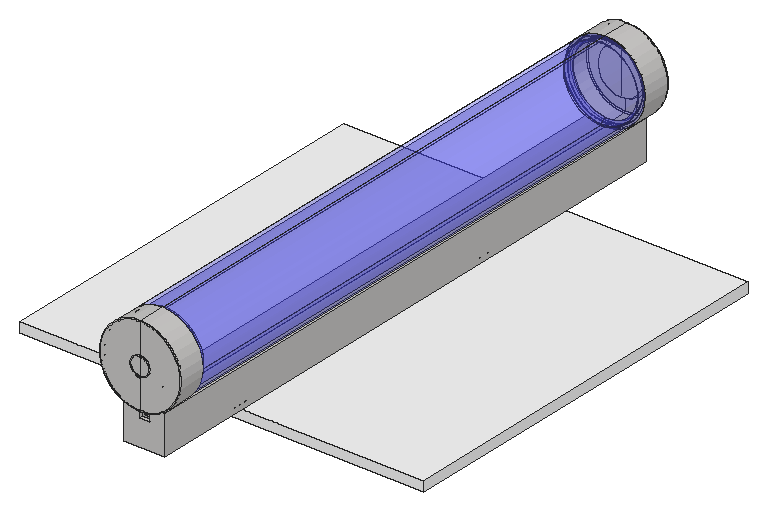
Revit family "BE_50068.2_de_DE", category Leuchten, Revit 2020
Family settings
  Basisbauteil = Fläche
  Bemaßung runder Anschluss = Durchmesser verwenden
  Teiletyp = Normal
  Beim Laden mit Abzugskörper schneiden = Ja
  Lichtquelle = Ja
  Gemeinsam genutzt = Nein
  Raumberechnungspunkt = Ja
Parameters (values of type "BEGA_50068.2_K4")
  built-in parameter 1150104 = 13.415 (stored number, unit not read)
  Wattage = 20.5 W
  Default Elevation = 0 mm
  built-in parameter 1150113 = 1 (stored number, unit not read)
  built-in parameter 1114218 = 1 (stored number, unit not read)
  Umgebungstemperatur = "25 °C"
  URL = "https://www.bega.com/de/produkt/50068.2"
  Typenkommentare = "© 2022 BEGA. Wir behalten uns das Recht vor, technische Änderungen ohne vorherige Ankündigung vorzunehmen."  # constant formula
  built-in parameter 1150134 = 12
  built-in parameter 1150109 = 1 (stored number, unit not read)
  Strom = ""
  built-in parameter 1150110 = 1 (stored number, unit not read)
  Spannung = 239.996 V
  Sonderanfertigung = no
  Seriennummer [instance] = "Hier können Sie die eindeutige Seriennummer für das Facility Management eintragen."
  Schutzklasse = "I"
  Schutzart = "IP 65"
  Scheinlast = 0 VA
  Produktdatenblatt = "https://cdn.bega.com/bega/products/50068.2K3/current/documents/data-sheets/de"
  Oberflächentemperatur = ""
  Neigungswinkel = 0.00°
  Modell = "50068.2K4"
  Material_17 = BEGA_Reflektor
  Material_15 = BEGA_Leuchtmedium_matt
  Material_11 = BEGA_Glas_opal
  Material_09 = BEGA_Glas_klar
  Material_06 = BEGA_Oberfläche_Edelstahl_gebürstet
  Material_05 = BEGA_Oberfläche_Aluminium Guss
  Material_03 = BEGA_Oberfläche_Weiss_matt
  Material_02 = BEGA_Oberfläche_Silber_matt
  Material_01 [instance] = BEGA_Oberfläche_Grafit_matt
  M_W = no
  M_G = no
  M_A = no
  Logo = 0
  built-in parameter 1114217 = 1 (stored number, unit not read)
  built-in parameter 1150139 = (empty or 0)
  built-in parameter 1150105 = 235.57 (stored number, unit not read)
  built-in parameter 1150114 = 1 (stored number, unit not read)
  Lumens = 2960.2 lm
  built-in parameter 1150115 = 1 (stored number, unit not read)
  Leuchtenlichtstrom = "2386 lm"
  Leuchtenanzahl = ""
  Lebensdauerkriterien = "L70B50 @ 25 °C = 145000 h"
  Lastklassifizierung = Beleuchtung
  built-in parameter 1150112 = 1 (stored number, unit not read)
  Lampenlichtstrom = "3350 lm"
  Lampe = "LED 19.2 W"
  LED_Modulbezeichnung = "2x LED-0626/940 + 2x LED-0627/940"
  Hersteller = "BEGA"  # constant formula
  Halbstreuwinkel = ""
  Gewicht = "3.0 kg"
  Gebrauchslageneinschränkung [instance] = ""
  Frequenz = "0/50-60 Hz"
  Farbwiedergabeindex = "CRI > 90"
  Farbtemperaturverschiebung bei Dämpfen der Lampe = <Keine Auswahl>
  Farbtemperatur = "4000 K"
  Color Filter = 16777215
  built-in parameter 1150133 = 10 (stored number, unit not read)
  Energieeffizienzklasse = "LED A++ - A"
  built-in parameter 1150137 = (empty or 0)
  built-in parameter 1150132 = (empty or 0)
  ENEC = "ja"
  Dimmbar [instance] = "DALI"
  Datei für fotometrisches Netz = "BE_50068.2K4.IES"
  CE_Konformität = "ja"
  Bestellnummer = "50068.2K4"
  Beschreibung_Sonderanfertigung = "Hier können Sie Informationen zur Sonderanfertigung eintragen."
  Beschreibung = "Wandleuchte"
  built-in parameter 1150106 = 2.3557 (stored number, unit not read)
  Befestigungsbohrung = "Ø 6 mm"
  Befestigungsabstand = "300 mm"
  Ballwurfsicher = ""
  BEGA_Intern_aus = yes
  BEGA_Intern_an = yes
  BEGA_Intern_Konstruktion = yes
  BEGA_Intern = yes
  BEGA_IES = yes
  BEGA_Dummy = no
  Anschlussleitung = ""
  Anschlussleistung [instance] = "22.5 W"
  Anschlusskasten = ""
  built-in parameter 1150107 = 4000 (stored number, unit not read)
  built-in parameter 1150102 = (empty or 0)
  built-in parameter 1150138 = (empty or 0)
  Aktualisierung = "2022-05-18T04:00:07"
  Abstand_zur_angestrahlten_Fläche [instance] = ""
  AC/DC = "AC/DC"
Types (2, lengths in mm): name | built-in parameter 1150134 | Modell | Leuchtenlichtstrom | Lampenlichtstrom | LED_Modulbezeichnung | Farbtemperatur | Datei für fotometrisches Netz | Bestellnummer | built-in parameter 1150107
  BEGA_50068.2_K4 | 12 | "50068.2K4" | "2386 lm" | "3350 lm" | "2x LED-0626/940 + 2x LED-0627/940" | "4000 K" | "BE_50068.2K4.IES" | "50068.2K4" | 4000 (stored number, unit not read)
  BEGA_50068.2_K3 | (empty or 0) | "50068.2K3" | "2286 lm" | "3210 lm" | "2x LED-0626/930 + 2x LED-0627/930" | "3000 K" | "BE_50068.2K3.IES" | "50068.2K3" | 3000 (stored number, unit not read)
Reference planes
  plane 1 "Mitte (Vorne/Hinten)": y = 0
  plane 2: z = 0
  plane 3 "Mitte (Links/Rechts)": x = 0
  plane 4 "Links": x = -40.25
  plane 5 "Rechts": x = 40.25
  plane 6 "Unten": y = -301.051
  plane 7 "Oben": y = 301.051
  plane 8 "Vorne": z = 115.51
  plane 9 "Hinten": z = 0
Forms (mm)
  Extrusion 1, solid, material "BEGA_Platte_Weiss"
    sketch origin (0, -1119.2, 0) x (1, 0, 0) y (0, 1, 0)
      loop
        line (-200, 1319.2) -> (-200, 919.2) -> (200, 919.2) -> (200, 1319.2) -> (-200, 1319.2)
    from 0 to -10
  Extrusion 2, solid, material "BEGA_Dummy_matt", visible <- "BEGA_Dummy"
    sketch origin (80.095, -76.023, 0) x (1, 0, 0) y (0, 1, 0)
      loop
        line (-120.345, 377.074) -> (-120.345, -225.027) -> (-39.845, -225.027) -> (-39.845, 377.074) -> (-120.345, 377.074)
    from 0 to 115.51
Dimensions and locks
  plane 1 "Mitte (Vorne/Hinten)" to Extrusion 1 = 200 mm
  aligned and locked: plane 2 to Extrusion 1
  aligned and locked: level to Extrusion 1
Nested families
  nested 1: "BE_50068.2" at (0, 0, 0) x (0, 1, 0) z (0, 0, 1), type "BE_50068.2"
Connectors
  electrical at (0, 0, 0), driven by "Lastklassifizierung", driven by "Spannung", driven by "Scheinlast"
    settings: index 1, voltage 239.996 V, apparent load 0 VA, apparent load phase1 0 VA, apparent load phase2 0 VA, apparent load phase3 0 VA, power factor 1, load classification "Beleuchtung", number of poles 1, system type 31, power factor state 1, is connector primary yes, connector utility no, sub classification motor no, connector description ""
Definition of nested family "BE_50068.2"
  Parameters (values of type "BE_50068.2")
    Default Elevation = 1 mm
    URL = "http://www.bega.de/de/produkt"
    Type Comments = "© 2015 BEGA. Wir behalten uns das Recht vor, technische Änderungen ohne vorherige Ankündigung vorzunehmen. "  # constant formula
    Type Image = (empty or 0)
    Neigungswinkel_um_Z2 = 0.00°
    Neigungswinkel_um_Z1 = 0.00°
    Neigungswinkel_um_Y2 = 0.00°
    Neigungswinkel_um_Y1 = 0.00°
    Neigungswinkel_um_X2 = 0.00°
    Neigungswinkel_um_X1 = 0.00°
    Material_17 = none
    Material_15 = none
    Material_11 = none
    Material_09 = none
    Material_06 = none
    Material_05 = none
    Material_03 = none
    Material_02 = none
    Material_01 = none
    M_W = yes
    M_G = yes
    M_A = yes
    Länge_Platte = 700 mm  # constant formula
    Höhe_Platte = -10 mm  # constant formula
    Manufacturer = "BEGA"  # constant formula
    Drehwinkel_um_Z2 = 0.00°
    Drehwinkel_um_Z1 = 0.00°
    Breite_Platte = 200 mm  # constant formula
  Reference planes
    plane 1 "Mitte (Oben/Unten)": y = 0
    plane 2: z = 0
    plane 3 "Mitte (Links/Rechts)": x = 0
    plane 4: x = -301.051
    plane 5: z = 115.51
    plane 6: x = 301.051
    plane 7: y = 40.25
    plane 8: y = -40.25
  Forms (mm)
    Extrusion 1, solid, detail levels medium
      sketch origin (0, 0, 0) x (1, 0, 0) y (0, 1, 0)
        loop
          line (-350, 100) -> (-350, -100) -> (350, -100) -> (350, 100) -> (-350, 100)
      from 0 to -10 <- "Höhe_Platte"
    Extrusion 2, solid, material <- "Material_06", detail levels medium+fine
      sketch origin (0, 0, 0) x (0, 1, 0) y (0, 0, 1)
        loop
          arc (18.186, 39.353) -> (0, 35.01) -> (-18.186, 39.353) r 40.25
          line (-18.186, 39.353) -> (-20, 37.539) -> (-20, 0) -> (-17.5, 0) -> (-17.5, 32) -> (17.5, 32) -> (17.5, 0) -> (20, 0) -> (20, 37.539) -> (18.186, 39.353)
      from -292.95 to 296.051
    Extrusion 3, solid, material <- "Material_06", detail levels medium+fine
      sketch origin (0, 0, 0) x (0, 1, 0) y (0, 0, 1)
        loop
          arc (18.186, 39.353) -> (0, 35.01) -> (-18.186, 39.353) r 40.25
          line (-18.186, 39.353) -> (-20, 37.539) -> (-20, 0) -> (20, 0) -> (20, 37.539) -> (18.186, 39.353)
      from 296.051 to 299.051
    Extrusion 4, solid, material <- "Material_06", detail levels medium+fine
      sketch origin (-493, 0, 0) x (0, 1, 0) y (0, 0, 1)
        loop
          arc (18.186, 39.353) -> (0, 35.01) -> (-18.186, 39.353) r 40.25
          line (-18.186, 39.353) -> (-20, 37.539) -> (-20, 0) -> (20, 0) -> (20, 37.539) -> (18.186, 39.353)
      from 197.05 to 200.05
    Extrusion 5, solid, material <- "Material_06", detail levels medium+fine
      sketch origin (0, 0, 0) x (0, 1, 0) y (0, 0, 1)
        loop
          arc (14.5, 4) -> (14.207, 3.293) -> (13.5, 3) r 1
          line (13.5, 3) -> (-13.5, 3)
          arc (-13.5, 3) -> (-14.207, 3.293) -> (-14.5, 4) r 1
          line (-14.5, 4) -> (-14.5, 32) -> (-17.5, 32) -> (-17.5, 4)
          arc (-17.5, 4) -> (-16.328, 1.172) -> (-13.5, 0) r 4
          line (-13.5, 0) -> (13.5, 0)
          arc (13.5, 0) -> (16.328, 1.172) -> (17.5, 4) r 4
          line (17.5, 4) -> (17.5, 32) -> (14.5, 32) -> (14.5, 4)
      from 76.05 to 110.051
    Extrusion 6, solid, material <- "Material_06", detail levels medium+fine
      sketch origin (-230, 0, 0) x (0, 1, 0) y (0, 0, 1)
        loop
          arc (14.5, 4) -> (14.207, 3.293) -> (13.5, 3) r 1
          line (13.5, 3) -> (-13.5, 3)
          arc (-13.5, 3) -> (-14.207, 3.293) -> (-14.5, 4) r 1
          line (-14.5, 4) -> (-14.5, 32) -> (-17.5, 32) -> (-17.5, 4)
          arc (-17.5, 4) -> (-16.328, 1.172) -> (-13.5, 0) r 4
          line (-13.5, 0) -> (13.5, 0)
          arc (13.5, 0) -> (16.328, 1.172) -> (17.5, 4) r 4
          line (17.5, 4) -> (17.5, 32) -> (14.5, 32) -> (14.5, 4)
      from 6.05 to 40.05
    Extrusion 7, void
      sketch origin (0, 0, 0) x (1, 0, 0) y (0, 1, 0)
        loop
          arc (-208.34, 3) -> (-218.45, 0) -> (-208.34, -3) r 5.5
          line (-208.34, -3) -> (-198.95, -3)
          arc (-198.95, -3) -> (-195.95, 0) -> (-198.95, 3) r 3
          line (-198.95, 3) -> (-208.34, 3)
        loop
          arc (91.66, 3) -> (81.55, 0) -> (91.66, -3) r 5.5
          line (91.66, -3) -> (101.05, -3)
          arc (101.05, -3) -> (104.05, 0) -> (101.05, 3) r 3
          line (101.05, 3) -> (91.66, 3)
      from 0 to 9
    Revolve 8, void
      sketch origin (50.07, 0, 0) x (1, 0, 0) y (0, 0, 1)
        loop
          line (237.98, 30.562) -> (244.412, 30.562) -> (244.412, 37.872) -> (237.98, 37.872) -> (237.98, 30.562)
        axis (237.98, 30.562) -> (237.98, 37.872)
      angle from 0 to 360
    Revolve 9, solid, material <- "Material_06", detail levels medium+fine
      sketch origin (0, 0, 0) x (1, 0, 0) y (0, 0, 1)
        loop
          line (-301.051, 115.01) -> (-301.051, 75.26) -> (-293.051, 75.26) -> (-293.051, 97.652) -> (-298.551, 99.126) -> (-298.551, 112.583)
          arc (-298.551, 112.583) -> (-297.875, 113.082) -> (-297.053, 113.26) r 2
          line (-297.053, 113.26) -> (-275.184, 113.22) -> (-273.821, 115.51) -> (-300.551, 115.51)
          arc (-300.551, 115.51) -> (-300.904, 115.364) -> (-301.051, 115.01) r 0.5
        axis (-301.051, 75.26) -> (-273.821, 75.26)
      angle from 0 to 360
    Revolve 10, solid, material <- "Material_06", detail levels medium+fine
      sketch origin (0, 0, 0) x (-1, 0, 0) y (0, 0, 1)
        loop
          line (-301.051, 115.01) -> (-301.051, 75.26) -> (-293.051, 75.26) -> (-293.051, 97.652) -> (-298.551, 99.126) -> (-298.551, 112.583)
          arc (-298.551, 112.583) -> (-297.875, 113.082) -> (-297.053, 113.26) r 2
          line (-297.053, 113.26) -> (-275.184, 113.22) -> (-273.821, 115.51) -> (-300.551, 115.51)
          arc (-300.551, 115.51) -> (-300.904, 115.364) -> (-301.051, 115.01) r 0.5
        axis (-301.051, 75.26) -> (-273.821, 75.26)
      angle from 0 to 360
    Revolve 11, solid, material <- "Material_11", detail levels medium+fine
      sketch origin (0, 0, 0) x (1, 0, 0) y (0, 0, 1)
        loop
          line (273.966, 115.26) -> (-273.821, 115.26) -> (-275.161, 113.01) -> (-277.936, 113.01) -> (-277.936, 110.01) -> (-276.885, 109.749)
          arc (-276.885, 109.749) -> (-272.565, 108.644) -> (-269.232, 111.608) r 4.75
          arc (-269.232, 111.608) -> (-268.866, 112.081) -> (-268.295, 112.26) r 1
          line (-268.295, 112.26) -> (268.44, 112.26)
          arc (268.44, 112.26) -> (269.011, 112.081) -> (269.377, 111.608) r 1
          arc (269.377, 111.608) -> (272.71, 108.644) -> (277.03, 109.749) r 4.75
          line (277.03, 109.749) -> (278.081, 110.01) -> (278.081, 113.01) -> (275.306, 113.01) -> (273.966, 115.26)
        axis (278.081, 75.26) -> (-277.936, 75.26)
      angle from 0 to 360
    Revolve 12, void
      sketch origin (0, 0, 0) x (1, 0, 0) y (0, 0, 1)
        loop
          line (-297.486, 85.26) -> (-301.301, 85.26) -> (-301.301, 75.26) -> (-297.486, 75.26) -> (-297.486, 85.26)
        axis (-297.486, 75.26) -> (-301.301, 75.26)
      angle from 0 to 360
    Revolve 13, solid, material <- "Material_06", detail levels fine
      sketch origin (0, 0, 0) x (1, 0, 0) y (0, 0, 1)
        loop
          line (-300.301, 85.01) -> (-301.301, 84.01) -> (-301.301, 75.26) -> (-298.301, 75.26) -> (-298.301, 85.01) -> (-300.301, 85.01)
        axis (-298.301, 75.26) -> (-301.301, 75.26)
      angle from 0 to 360
    Extrusion 14, void
      sketch origin (0, 0, 0) x (0, 1, 0) y (0, 0, 1)
        loop
          line (5, 32) -> (2.35, 32) -> (2.35, 36.757) -> (-2.35, 36.757) -> (-2.35, 32) -> (-5, 32) -> (-5, 25.9) -> (5, 25.9) -> (5, 32)
      from -297.053 to -280.55
    Revolve 15, solid, material <- "Material_06", detail levels fine
      sketch origin (0, 0, 0) x (1, 0, 0) y (0, 0, 1)
        loop
          line (-293.301, 32) -> (-293.301, 28.504) -> (-289.051, 28.504) -> (-289.051, 41.75) -> (-291.301, 41.75) -> (-291.301, 32) -> (-293.301, 32)
        axis (-289.051, 41.75) -> (-289.051, 28.504)
      angle from 0 to 360
  Cuts and joins
    Extrusion 7, Revolve 8, Extrusion 14 cuts Extrusion 2
    Extrusion 7, Revolve 8, Extrusion 14 cuts Extrusion 3
    Extrusion 7, Revolve 8, Extrusion 14 cuts Extrusion 4
    Extrusion 7, Revolve 8, Extrusion 14 cuts Extrusion 5
    Extrusion 7, Revolve 8, Extrusion 14 cuts Extrusion 6
    joined: Extrusion 2, Extrusion 3, Extrusion 4, Extrusion 5, Extrusion 6
    Revolve 12 cuts Revolve 9
    Revolve 12 cuts Revolve 10
    joined: Revolve 9, Revolve 10
  Dimensions and locks
    equal spacing: Extrusion 1 sketch curve, plane 3 "Mitte (Links/Rechts)", Extrusion 1 sketch curve
    equal spacing: Extrusion 1 sketch curve, plane 1 "Mitte (Oben/Unten)", Extrusion 1 sketch curve
    "Länge_Platte": Extrusion 1 sketch curve to Extrusion 1 sketch curve
    "Breite_Platte": Extrusion 1 sketch curve to Extrusion 1 sketch curve
    aligned and locked: Extrusion 1 to plane 2
    aligned and locked: level to Extrusion 1
  Automatic sketch dimensions
    Extrusion 2 sketch curve to level = 0 mm  (x2)
    Extrusion 2 sketch curve to plane 1 "Mitte (Oben/Unten)" = 0 mm
    plane 1 "Mitte (Oben/Unten)" to Extrusion 2 sketch curve = 17.5 mm
    Extrusion 2 sketch curve to Extrusion 2 sketch curve = 0.686 mm  (x2)
    Extrusion 2 sketch curve to Extrusion 2 sketch curve = 1.814 mm  (x3)
    Extrusion 2 sketch curve to plane 1 "Mitte (Oben/Unten)" = 17.5 mm
    Extrusion 2 sketch curve to Extrusion 2 sketch curve = 32 mm
    Extrusion 2 sketch curve to Extrusion 2 sketch curve = 5.539 mm  (x2)
    Extrusion 2 sketch curve to Extrusion 2 sketch curve = 35.907 mm
    Extrusion 3 sketch curve to level = 0 mm
    Extrusion 3 sketch curve to plane 1 "Mitte (Oben/Unten)" = 0 mm
    plane 1 "Mitte (Oben/Unten)" to Extrusion 3 sketch curve = 18.186 mm
    plane 1 "Mitte (Oben/Unten)" to Extrusion 3 sketch curve = 20 mm
    Extrusion 3 sketch curve to plane 1 "Mitte (Oben/Unten)" = 18.186 mm
    Extrusion 3 sketch curve to Extrusion 3 sketch curve = 1.814 mm  (x2)
    Extrusion 3 sketch curve to Extrusion 3 sketch curve = 37.539 mm  (x2)
    Extrusion 3 sketch curve to Extrusion 3 sketch curve = 35.907 mm
    Extrusion 4 sketch curve to level = 0 mm
    Extrusion 4 sketch curve to plane 1 "Mitte (Oben/Unten)" = 0 mm
    plane 1 "Mitte (Oben/Unten)" to Extrusion 4 sketch curve = 18.186 mm
    plane 1 "Mitte (Oben/Unten)" to Extrusion 4 sketch curve = 20 mm
    Extrusion 4 sketch curve to plane 1 "Mitte (Oben/Unten)" = 18.186 mm
    Extrusion 4 sketch curve to Extrusion 4 sketch curve = 1.814 mm  (x2)
    level to Extrusion 4 sketch curve = 37.539 mm  (x2)
    Extrusion 4 sketch curve to Extrusion 4 sketch curve = 35.907 mm
    Extrusion 5 sketch curve to Extrusion 5 sketch curve = 0 mm  (x6)
    Extrusion 5 sketch curve to level = 0 mm
    plane 1 "Mitte (Oben/Unten)" to Extrusion 5 sketch curve = 17.5 mm
    Extrusion 5 sketch curve to Extrusion 5 sketch curve = 3 mm
    Extrusion 5 sketch curve to Extrusion 5 sketch curve = 1 mm
    level to Extrusion 5 sketch curve = 4 mm
    Extrusion 5 sketch curve to plane 1 "Mitte (Oben/Unten)" = 13.5 mm
    Extrusion 5 sketch curve to Extrusion 5 sketch curve = 28 mm  (x2)
    Extrusion 6 sketch curve to Extrusion 6 sketch curve = 0 mm  (x6)
    Extrusion 6 sketch curve to level = 0 mm
    plane 1 "Mitte (Oben/Unten)" to Extrusion 6 sketch curve = 17.5 mm
    Extrusion 6 sketch curve to Extrusion 6 sketch curve = 3 mm
    Extrusion 6 sketch curve to Extrusion 6 sketch curve = 1 mm
    level to Extrusion 6 sketch curve = 4 mm
    Extrusion 6 sketch curve to plane 1 "Mitte (Oben/Unten)" = 13.5 mm
    Extrusion 6 sketch curve to Extrusion 6 sketch curve = 28 mm  (x2)
    plane 1 "Mitte (Oben/Unten)" to Extrusion 7 sketch curve = 0 mm  (x4)
    Extrusion 7 sketch curve to plane 3 "Mitte (Links/Rechts)" = 212.95 mm
    Extrusion 7 sketch curve to Extrusion 7 sketch curve = 4.61 mm  (x2)
    plane 1 "Mitte (Oben/Unten)" to Extrusion 7 sketch curve = 3 mm
    Extrusion 7 sketch curve to Extrusion 7 sketch curve = 9.39 mm  (x2)
    plane 3 "Mitte (Links/Rechts)" to Extrusion 7 sketch curve = 87.05 mm
    Extrusion 7 sketch curve to plane 1 "Mitte (Oben/Unten)" = 3 mm
    level to Revolve 8 sketch curve = 30.562 mm
    plane 3 "Mitte (Links/Rechts)" to Revolve 8 sketch curve = 288.051 mm
    Revolve 8 sketch curve to Revolve 8 sketch curve = 6.431 mm
    Revolve 8 sketch curve to Revolve 8 sketch curve = 7.31 mm
    Revolve 8 sketch curve to Revolve 8 sketch curve = 0 mm  (x3)
    level to Revolve 9 sketch curve = 115.01 mm
    Revolve 9 sketch curve to plane 3 "Mitte (Links/Rechts)" = 301.051 mm
    Revolve 9 sketch curve to Revolve 9 sketch curve = 0.5 mm
    level to Revolve 9 sketch curve = 99.126 mm
    Revolve 9 sketch curve to Revolve 9 sketch curve = 2 mm  (x2)
    level to Revolve 9 sketch curve = 113.26 mm
    Revolve 9 sketch curve to Revolve 9 sketch curve = 1.498 mm
    Revolve 9 sketch curve to Revolve 9 sketch curve = 1.5 mm
    Revolve 9 sketch curve to Revolve 9 sketch curve = 8 mm
    Revolve 9 sketch curve to Revolve 9 sketch curve = 21.869 mm
    Revolve 9 sketch curve to Revolve 9 sketch curve = 1.364 mm
    Revolve 9 sketch curve to Revolve 9 sketch curve = 1.474 mm
    Revolve 9 sketch curve to Revolve 9 sketch curve = 22.392 mm
    Revolve 9 sketch curve to Revolve 9 sketch curve = 2.29 mm
    Revolve 9 sketch curve to Revolve 9 sketch curve = 0 mm  (x3)
    Revolve 10 sketch curve to level = 115.01 mm
    Revolve 10 sketch curve to plane 3 "Mitte (Links/Rechts)" = 301.051 mm
    Revolve 10 sketch curve to Revolve 10 sketch curve = 0.5 mm
    Revolve 10 sketch curve to level = 99.126 mm
    Revolve 10 sketch curve to Revolve 10 sketch curve = 2 mm  (x2)
    Revolve 10 sketch curve to level = 113.26 mm
    Revolve 10 sketch curve to Revolve 10 sketch curve = 1.498 mm
    Revolve 10 sketch curve to Revolve 10 sketch curve = 1.5 mm
    Revolve 10 sketch curve to Revolve 10 sketch curve = 8 mm
    Revolve 10 sketch curve to Revolve 10 sketch curve = 21.869 mm
    Revolve 10 sketch curve to Revolve 10 sketch curve = 1.364 mm
    Revolve 10 sketch curve to Revolve 10 sketch curve = 1.474 mm
    Revolve 10 sketch curve to Revolve 10 sketch curve = 22.392 mm
    Revolve 10 sketch curve to Revolve 10 sketch curve = 2.29 mm
    Revolve 10 sketch curve to Revolve 10 sketch curve = 0 mm  (x3)
    level to Revolve 11 sketch curve = 113.01 mm
    Revolve 11 sketch curve to plane 3 "Mitte (Links/Rechts)" = 277.936 mm
    level to Revolve 11 sketch curve = 109.749 mm  (x2)
    Revolve 11 sketch curve to Revolve 11 sketch curve = 1.051 mm
    Revolve 11 sketch curve to Revolve 11 sketch curve = 2.775 mm  (x2)
    Revolve 11 sketch curve to Revolve 11 sketch curve = 1.34 mm
    Revolve 11 sketch curve to Revolve 11 sketch curve = 1.475 mm  (x2)
    Revolve 11 sketch curve to Revolve 11 sketch curve = 5.391 mm  (x2)
    Revolve 11 sketch curve to Revolve 11 sketch curve = 0 mm  (x4)
    plane 3 "Mitte (Links/Rechts)" to Revolve 11 sketch curve = 268.44 mm
    Revolve 11 sketch curve to Revolve 11 sketch curve = 1.725 mm
    Revolve 11 sketch curve to Revolve 11 sketch curve = 0.261 mm  (x2)
    Revolve 11 sketch curve to Revolve 11 sketch curve = 1.75 mm
    Revolve 11 sketch curve to Revolve 11 sketch curve = 1.511 mm
    Revolve 11 sketch curve to Revolve 11 sketch curve = 1 mm
    Revolve 11 sketch curve to Revolve 11 sketch curve = 3 mm
    Revolve 11 sketch curve to Revolve 11 sketch curve = 0.25 mm  (x2)
    Revolve 11 sketch curve to Revolve 11 sketch curve = 2 mm
    Revolve 11 sketch curve to Revolve 11 sketch curve = 0.938 mm  (x2)
    Revolve 11 sketch curve to Revolve 11 sketch curve = 0.135 mm
    level to Revolve 12 sketch curve = 85.26 mm
    Revolve 12 sketch curve to plane 3 "Mitte (Links/Rechts)" = 301.301 mm
    Revolve 12 sketch curve to Revolve 12 sketch curve = 3.815 mm
    Revolve 12 sketch curve to Revolve 12 sketch curve = 10 mm
    Revolve 12 sketch curve to Revolve 12 sketch curve = 1.435 mm
    Revolve 12 sketch curve to Revolve 12 sketch curve = 0 mm  (x2)
    level to Revolve 13 sketch curve = 75.26 mm
    Revolve 13 sketch curve to plane 3 "Mitte (Links/Rechts)" = 301.301 mm
    Revolve 13 sketch curve to Revolve 13 sketch curve = 1 mm  (x2)
    Revolve 13 sketch curve to Revolve 13 sketch curve = 2 mm
    Revolve 13 sketch curve to Revolve 13 sketch curve = 8.75 mm
    Revolve 13 sketch curve to Revolve 13 sketch curve = 1.623 mm
    Revolve 13 sketch curve to Revolve 13 sketch curve = 0 mm  (x2)
    level to Revolve 15 sketch curve = 32 mm
    Revolve 15 sketch curve to plane 3 "Mitte (Links/Rechts)" = 293.301 mm
    Revolve 15 sketch curve to Revolve 15 sketch curve = 2 mm
    Revolve 15 sketch curve to Revolve 15 sketch curve = 2.25 mm
    Revolve 15 sketch curve to Revolve 15 sketch curve = 3.496 mm
    Revolve 15 sketch curve to Revolve 15 sketch curve = 9.75 mm
    Revolve 15 sketch curve to Revolve 15 sketch curve = 0 mm  (x3)
    plane 1 "Mitte (Oben/Unten)" to Extrusion 14 sketch curve = 5 mm
    plane 1 "Mitte (Oben/Unten)" to Extrusion 14 sketch curve = 2.35 mm
    Extrusion 14 sketch curve to plane 1 "Mitte (Oben/Unten)" = 2.35 mm
    Extrusion 14 sketch curve to Extrusion 14 sketch curve = 2.65 mm
    level to Extrusion 14 sketch curve = 25.9 mm
    Extrusion 14 sketch curve to Extrusion 14 sketch curve = 6.1 mm
    Extrusion 14 sketch curve to Extrusion 14 sketch curve = 0 mm
    Extrusion 14 sketch curve to Extrusion 14 sketch curve = 4.757 mm
